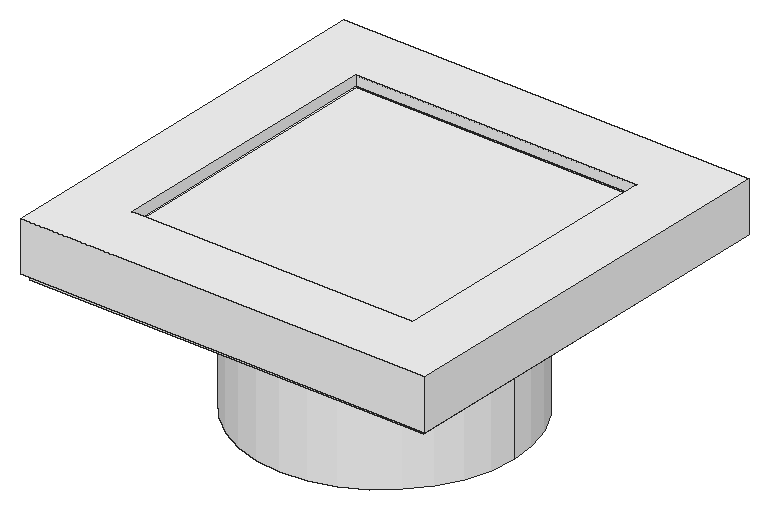
Revit family "Gira_012727", category Electrical Fixtures, host Face, Revit 2017
Family settings
  Host = Face
  Maintain Annotation Orientation = Yes
  Round Connector Dimension = Use Diameter
  Part Type = Normal
  Cut with Voids When Loaded = No
  Shared = No
  Room Calculation Point = No
Parameters (values of type "Tastschalter Kreuz System 55 Reinweiß m")
  Zusammenstellung = "Basiselement mit zentraler Abdeckplatte"
  White [instance] = White
  Werkstoffgüte = "sonstige"
  Werkstoff = "sonstige"
  Waschmaschinenschalter = "No"
  URL = "http://katalog.gira.de/de_DE/datenblatt.html?artikelnr=012727"
  Textfeld/Beschriftungsfläche = "nein"
  Tastschalter = "Yes"
  Schaltungsart = "Kreuzschalter"
  Rückmeldekontakt = "No"
  Region = "DE"
  RAL-Nummer (ähnlich) = "9010 "
  Oberfläche = "sonstige"
  Nennspannung = "250 Volt"
  Name = "Tastschalter Kreuz System 55 Reinweiß m"
  Montageart = "unter Putz"
  Model = "Sys55_Komplettgerät_Schalten und Tasten"
  Mit Montageplatte = "No"
  Manufacturer URL = "https://www.gira.de/"
  HeinzeBIM = "https://bimportal.heinze.de/bim/tastschalter-kreuz-system-55-reinweiss-m/a62523da7449d150f5f98cdfee27da05a95ad77b"
  Halogenfrei = "Yes"
  HAN = "012727"
  Geeignet für Schutzart (IP) = "IP20"
  GTIN = "4010337127277"
  Farbe = "weiß"
  Default Elevation = 1219.2 mm
  Data sheet (1) = "https://katalog.gira.de/de_DE/download.html?artikelnr=012727"
  Category = "Installationsschalter"
  Bemessungsstrom = "10 Ampere"
  Beleuchtung = "nein"
  Befestigungsart = "Krallen-/Schraubbefestigung"
  Bedienungsart = "Wippe/Taste"
  Available = "Yes"
  Ausführung der Oberfläche = "matt"
  Anzahl der Module (bei Modulbauweise) = "1 "
  Anzahl der Betätigungswippen = "1 "
  Anschlussart = "Steckklemme"
Reference planes
  plane 1 "Center (Front/Back)": y = 0
  plane 2: z = 0
  plane 3 "Center (Left/Right)": x = 0
Forms (mm)
  Extrusion 1, solid, material "White" <- "White", detail levels medium
    sketch origin (0, 0, 0) x (1, 0, 0) y (0, 1, 0)
      loop
        line (-40.4, 40.4) -> (-40.4, -40.4) -> (40.4, -40.4) -> (40.4, 40.4) -> (-40.4, 40.4)
      loop
        line (-28, 28) -> (-28, -28) -> (28, -28) -> (28, 28) -> (-28, 28)
    from 0 to 10
  Extrusion 2, solid, material "White" <- "White", detail levels fine
    sketch origin (0, 0, 0) x (1, 0, 0) y (0, 1, 0)
      loop
        line (-40.4, 40.4) -> (-40.4, -40.4) -> (40.4, -40.4) -> (40.4, 40.4) -> (-40.4, 40.4)
      loop
        line (-28, 28) -> (-28, -28) -> (28, -28) -> (28, 28) -> (-28, 28)
    from 0 to 10
  Extrusion 3, void
    sketch origin (0, 0, 0) x (1, 0, 0) y (0, 1, 0)
      loop
        line (-38.4, 38.4) -> (-38.4, -38.4) -> (38.4, -38.4) -> (38.4, 38.4) -> (-38.4, 38.4)
    from 0 to 8
  Extrusion 4, solid, material "White" <- "White", detail levels medium+fine
    sketch origin (0, 0, 0) x (1, 0, 0) y (0, 1, 0)
      loop
        line (-39.4, 39.4) -> (-39.4, -39.4) -> (39.4, -39.4) -> (39.4, 39.4) -> (-39.4, 39.4)
    from 0 to -1
  Extrusion 5, solid, material "White" <- "White", detail levels medium+fine
    sketch origin (0, 0, 0) x (1, 0, 0) y (0, 1, 0)
      loop
        line (-35.5, 35.5) -> (-35.5, -35.5) -> (35.5, -35.5) -> (35.5, 35.5) -> (-35.5, 35.5)
    from -2 to -3
  Extrusion 6, solid, material "White" <- "White", detail levels medium+fine
    sketch origin (0, 0, 0) x (1, 0, 0) y (0, 1, 0)
      loop
        circle (0, 0) r 26
    from 0 to -27.5
  Extrusion 7, solid, material "White" <- "White", detail levels coarse
    sketch origin (0, 0, 0) x (1, 0, 0) y (0, 1, 0)
      loop
        line (-40.4, 40.4) -> (-40.4, -40.4) -> (40.4, -40.4) -> (40.4, 40.4) -> (-40.4, 40.4)
    from -27.5 to 10
Cuts and joins
  Extrusion 3 cuts Extrusion 2
Dimensions and locks
  aligned and locked: plane 2 to host face
  aligned and locked: level to host face
  aligned and locked: plane 3 "Center (Left/Right)" to nested 2
  aligned and locked: plane 1 "Center (Front/Back)" to nested 2
Nested families
  nested 1: "Sys55_Abdeckung_Schalten und Tasten_floor_base" at (0, 0, 0), type "Sys55_Abdeckung_Schalten und Tasten_floor_base"
  nested 2: "Schalter" at (0, 0, 0), type "Schalter"
Connectors
  electrical at (0, 0, -27.5)
    settings: on Extrusion 6, index 1, voltage 220 V, apparent load 0 VA, apparent load phase1 0 VA, apparent load phase2 0 VA, apparent load phase3 0 VA, power factor 1, load classification "Other", number of poles 1, system type 30, power factor state 1, is connector primary yes, connector utility no, sub classification motor no, connector description ""
Definition of nested family "Sys55_Abdeckung_Schalten und Tasten_floor_base"
  Parameters
    Default Elevation = 1219.2 mm
    White [instance] = none
  Reference planes
    plane 1 "Center (Front/Back)": y = 0
    plane 2: z = 0
    plane 3 "Center (Left/Right)": x = 0
  Forms (mm)
    Extrusion 1, solid
      sketch origin (0, 0, 0) x (1, 0, 0) y (0, 1, 0)
        loop
          line (-1219.2, 1219.2) -> (-1219.2, -1219.2) -> (1219.2, -1219.2) -> (1219.2, 1219.2) -> (-1219.2, 1219.2)
      from 0 to -304.8
    Extrusion 2, solid, material <- "White", detail levels fine
      sketch origin (0, 0, 0) x (1, 0, 0) y (0, 1, 0)
        loop
          line (-27.5, 27.5) -> (-27.5, -27.5) -> (27.5, -27.5) -> (27.5, 27.5) -> (-27.5, 27.5)
      from 0 to 8
    Extrusion 3, void
      sketch origin (0, 0, 0) x (1, 0, 0) y (0, 1, 0)
        loop
          line (26, 26) -> (-26, 26) -> (-26, -26) -> (26, -26) -> (26, 26)
      from 0 to 6
    Extrusion 4, solid, material <- "White", detail levels medium
      sketch origin (0, 0, 0) x (1, 0, 0) y (0, 1, 0)
        loop
          line (-27.5, 27.5) -> (-27.5, -27.5) -> (27.5, -27.5) -> (27.5, 27.5) -> (-27.5, 27.5)
      from 0 to 8
    Extrusion 5, solid, material <- "White", detail levels medium
      sketch origin (0, 0, 0) x (1, 0, 0) y (0, 1, 0)
        loop
          line (11, -17.5) -> (11, 17.5) -> (-11, 17.5) -> (-11, -17.5) -> (11, -17.5)
      from -6 to 6
    Extrusion 6, solid, material <- "White", detail levels fine
      sketch origin (0, 0, 0) x (1, 0, 0) y (0, 1, 0)
        loop
          line (11, 17.5) -> (-11, 17.5) -> (-11, 16.5) -> (11, 16.5) -> (11, 17.5)
        loop
          line (-11, -16.5) -> (-11, -17.5) -> (11, -17.5) -> (11, -16.5) -> (-11, -16.5)
      from -4 to 6
    Extrusion 7, solid, material <- "White", detail levels fine
      sketch origin (0, 0, 0) x (1, 0, 0) y (0, 1, 0)
        loop
          arc (5, 9.347) -> (0, 10.6) -> (-5, 9.347) r 10.6
          line (-5, 9.347) -> (-5, -9.347)
          arc (-5, -9.347) -> (0, -10.6) -> (5, -9.347) r 10.6
          line (5, -9.347) -> (5, 9.347)
      from -6 to 6
    Extrusion 8, solid, material <- "White", detail levels coarse
      sketch origin (0, 0, 0) x (1, 0, 0) y (0, 1, 0)
        loop
          line (-27.5, 27.5) -> (-27.5, -27.5) -> (27.5, -27.5) -> (27.5, 27.5) -> (-27.5, 27.5)
      from -6 to 8
  Cuts and joins
    Extrusion 3 cuts Extrusion 2
  Dimensions and locks
    aligned and locked: plane 2 to Extrusion 1
    aligned and locked: level to Extrusion 1
Definition of nested family "Schalter"
  Reference planes
    plane 1: y = 0
    plane 2: x = 0
  Lines and regions (mm)
    detail lines
      curve 1: circle (1.375, 2.778, 0) r 0.8 normal (0, 0, 1)
      curve 2: line (1.021, 2.061, 0) -> (0, 0, 0)
      curve 3: line (0, 0, 0) -> (-0.538, 0.266, 0)
  Dimensions and locks
    curve 2 to curve 2 = 2.3 mm
    curve 3 to curve 2 = 0.6 mm
    radius of curve 1 = 0.8 mm
